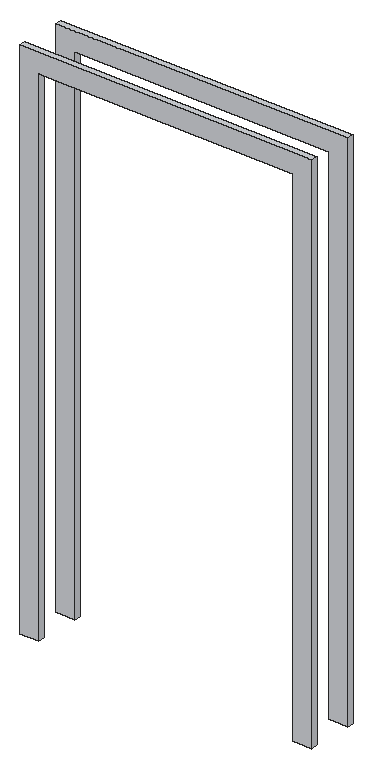
Revit family "RightDoor", category 门, Revit 2025
Family settings
  主体 = 墙
  OmniClass 编号 = 23.30.10.00
  OmniClass 标题 = Doors
  总是垂直 = 是
  载入时剪切的空心 = 否
  共享 = 否
  房间计算点 = 否
Parameters
  功能 = 内部
  框架投影外部. = 25 mm
  框架投影内部. = 25 mm
  框架宽度 = 75 mm
  高度 = 2000 mm
  墙闭合 = 按主体
  宽度 = 1000 mm
Reference planes
  plane 1: y = 0
  plane 2 "中心(左/右)": x = 0
  plane 3 "左": x = -500
  plane 4 "右": x = 500
  plane 5: z = 2000
  plane 6 "外部": y = 75
  plane 7 "内部": y = -75
Forms (mm)
  Extrusion 1, solid
    sketch origin (-3050, -75, 0) x (1, 0, 0) y (0, 0, 1)
      loop
        line (2475, 0) -> (2550, 0) -> (2550, 2000) -> (3550, 2000) -> (3550, 0) -> (3625, 0) -> (3625, 2075) -> (2475, 2075) -> (2475, 0)
    from 0 to 25
  Extrusion 2, solid
    sketch origin (-3050, 75, 0) x (-1, 0, 0) y (0, 0, 1)
      loop
        line (-2550, 0) -> (-2475, 0) -> (-2475, 2075) -> (-3625, 2075) -> (-3625, 0) -> (-3550, 0) -> (-3550, 2000) -> (-2550, 2000) -> (-2550, 0)
    from 0 to 25
Lines and regions (mm)
  Opening 1
    outline origin (-3050, -75, 0) x (1, 0, 0) y (0, 0, 1)
      loop
        line (2550, 0) -> (3550, 0) -> (3550, 2000) -> (2550, 2000) -> (2550, 0)
  symbolic lines, style "立面打开方向"
    curve 1: line (500, -75, 1000) -> (-500, -75, 2000)
    curve 2: line (500, -75, 1000) -> (-500, -75, 0)
Text (mm)
  text "外部" at (-2295.016, 1099.543, 0), in view "参照标高"
  text "外部" at (0, 1615.38, 3698.081), in view "左"
  text "外部" at (0, 1036.032, 3874.932), in view "右"
Dimensions and locks
  equal spacing: plane 3 "左", plane 2 "中心(左/右)", plane 4 "右"
  "宽度": plane 3 "左" to plane 4 "右"
  "高度": plane 5 to host wall
  equal spacing: host wall, curve 2, plane 5
  host wall to plane 5 = 2000 mm
  "框架投影外部.": Extrusion 2 to Extrusion 2
  "框架投影内部.": Extrusion 1 to Extrusion 1
  "框架宽度": plane 3 "左" to Extrusion 1 sketch curve
  "框架宽度": plane 4 "右" to Extrusion 1 sketch curve
  "框架宽度": Extrusion 1 sketch curve to plane 5
  "框架宽度": plane 4 "右" to Extrusion 2 sketch curve
  "框架宽度": plane 3 "左" to Extrusion 2 sketch curve
  "框架宽度": plane 5 to Extrusion 2 sketch curve
  locked: plane 6 "外部" to host wall
  locked: plane 7 "内部" to host wall
  aligned and locked: plane 3 "左" to Opening 1 sketch curve
  aligned and locked: plane 5 to Opening 1 sketch curve  (x2)
  aligned and locked: Opening 1 sketch curve to plane 4 "右"
  aligned and locked: Opening 1 sketch curve to level
  aligned and locked: level to Extrusion 1 sketch curve
  aligned and locked: plane 5 to Extrusion 1 sketch curve  (x2)
  aligned and locked: Extrusion 1 sketch curve to plane 4 "右"
  aligned and locked: plane 3 "左" to Extrusion 1 sketch curve
  aligned and locked: plane 3 "左" to Extrusion 2 sketch curve
  aligned and locked: plane 5 to Extrusion 2 sketch curve  (x2)
  aligned and locked: level to Extrusion 2 sketch curve
  aligned and locked: plane 5 to curve 1
  aligned and locked: plane 3 "左" to curve 2
  aligned and locked: plane 1 to host wall
  aligned and locked: plane 3 "左" to curve 1
Automatic sketch dimensions
  Extrusion 2 sketch curve to plane 4 "右" = 0 mm
  Extrusion 1 sketch curve to level = 0 mm
  Extrusion 2 sketch curve to level = 0 mm
  plane 4 "右" to curve 2 = 0 mm
  curve 2 to level = 0 mm
